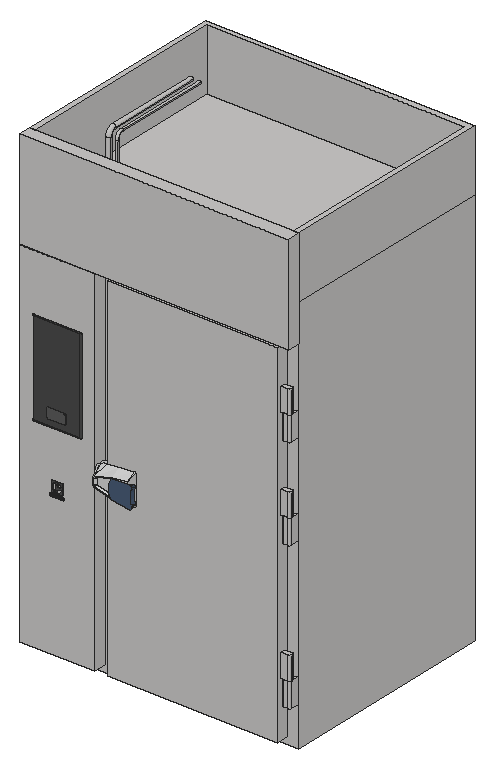
Revit family "QF_ELECTROLUXPROFESSIONAL_727824_EBCA22RE", category Specialty Equipment, Revit 2018
Family settings
  Round Connector Dimension = Use Radius
  Part Type = Normal
  Work Plane-Based = No
  Always vertical = Yes
  Cut with Voids When Loaded = No
  Shared = Yes
  Room Calculation Point = No
Parameters
  Weight = 0.00 kg
  Watts = 0 W
  Volts = 380 V
  URL Manufacturer = "http://professional.electrolux.com"
  URL = "http://professional.electrolux.com"
  Steam Supply Size = 0"
  Steam Supply Minimum Pressure = 0.00 psi
  Steam Supply Maximum Pressure = 0.00 psi
  Steam Pounds per Hour = 0
  Show Logo [instance] = yes
  Refrigeration Suction Line Size = 0"
  Refrigeration Liquid Line Size = 0"
  Refrigerant Compressor Remote = yes
  Phase = 3
  Model = "EBCA22RE"
  Manufacturer = "Electrolux"
  Length Actual = 1400 mm  # constant formula
  Item Number = "727824"
  Hot Water Size = 0"
  Height Actual = 2270 mm  # constant formula
  HP = "8.6 HP"
  Gas Size = 0"
  Gas KW = 0
  Gas Input Pressure = 0.0 Btu/h
  Direct Waste Size = 1/2"
  Description = "SKYLINE CHILLS BLAST CHILLER 200KG 20 GN 2/1 - ROLL-IN - REMOTE REFRIGERATING UNIT"
  Depth Actual = 1266 mm  # constant formula
  Cycle = 60 Hz
  Condensate Return Size = 0"
  Compressed Air Volume = 0 GPM
  Compressed Air Size = 0"
  Compressed Air Pressure = 0.00 psi
  Cold Water Size = 0"
  Assembly Code = ""
  Show Clearance [instance] = yes
  Accessory = yes
Reference planes
  plane 1 "BACK": y = 1
  plane 2: z = 0
  plane 3 "LEFT": x = 0
  plane 4 "RIGHT": x = 1400
  plane 5 "FRONT": y = -1205
  plane 6 "TOP": z = 2400
  plane 7 "Center Y": x = 700
  plane 8: y = -2155
  plane 9: y = -602
Forms (mm)
  Extrusion 1, solid, material "QF_Clearance", visible <- "Show Clearance", detail levels coarse
    sketch origin (0, 0, -70) x (1, 0, 0) y (0, 1, 0)
      loop
        line (0, -1205) -> (0, 1) -> (1400, 1) -> (1400, -1205) -> (1500, -1205) -> (1500, 101) -> (-100, 101) -> (-100, -1205) -> (0, -1205)
    from 70 to 2670
  Extrusion 2, solid, material "QF_Finishes_Stainless Steel"
    sketch origin (349.253, 33, 630.991) x (-1, 0, 0) y (0, -1, 0)
      loop
        line (349.253, 1172.759) -> (349.253, 1238) -> (-39.747, 1238) -> (-39.747, 1172.759) -> (349.253, 1172.759)
    from -597 to 1254
  Extrusion 3, solid, material "QF_Finishes_Stainless Steel"
    sketch origin (596.16, 27.971, -70) x (1, 0, 0) y (0, 1, 0)
      loop
        line (743.84, -1172.971) -> (-141.16, -1172.971) -> (-141.16, -1232.971) -> (743.84, -1232.971) -> (743.84, -1172.971)
    from 103.991 to 1945.25
  Extrusion 4, solid, material "QF_Door-Drawer Clearances", visible <- "Show Clearance", detail levels coarse
    sketch origin (875, -72.029, -91.802) x (-1, 0, 0) y (0, -1, 0)
      loop
        line (-465, 2025.971) -> (-465, 1132.971) -> (420, 1132.971)
        arc (420, 1132.971) -> (153.836, 1754.227) -> (-465, 2025.971) r 920
    from 125.793 to 1967.052
  Extrusion 5, solid, material "QF_Finishes_Stainless Steel"
    sketch origin (0, -1139.759, 0) x (0, 1, 0) y (-1, 0, 0)
      loop
        line (1140.759, 0) -> (0.759, 0) -> (0.759, -1400) -> (1140.759, -1400) -> (1140.759, 0)
    from 0 to 2080
  Extrusion 6, solid, material "QF_Finishes_Stainless Steel"
    sketch origin (0, 0, -70) x (0, 1, 0) y (0, 0, 1)
      loop
        line (-1139, 2470) -> (-1205, 2470) -> (-1205, 1956) -> (-1139, 1956) -> (-1139, 2470)
    from 0 to 1400
  Extrusion 7, solid, material "QF_Finishes_Stainless Steel"
    sketch origin (0, -1139.759, 2080) x (0, 1, 0) y (-1, 0, 0)
      loop
        line (1140.759, 0) -> (0.759, 0) -> (0.759, -27.807) -> (1112.952, -27.807) -> (1112.952, -1372.193) -> (0.759, -1372.193) -> (0.759, -1400) -> (1140.759, -1400) -> (1140.759, 0)
    from 0 to 320
  Extrusion 8, solid, material "QF_Clearance", visible <- "Show Clearance", detail levels coarse
    sketch origin (0, 0, 2400) x (-1, 0, 0) y (0, -1, 0)
      loop
        line (0, 1205) -> (-1400, 1205) -> (-1400, -1) -> (0, -1) -> (0, 1205)
    from 0 to 200
  Extrusion 9, solid, material "QF_Finishes_Stainless Steel"
    sketch origin (-390.239, -0.977, 1172.559) x (1, 0, 0) y (0, 1, 0)
      loop
        line (1730.239, -1159.557) -> (1730.239, -1186.759) -> (1771.078, -1186.759)
        arc (1771.078, -1186.759) -> (1778.149, -1183.83) -> (1781.078, -1176.759) r 10
        line (1781.078, -1176.759) -> (1781.078, -1169.557)
        arc (1781.078, -1169.557) -> (1778.149, -1162.486) -> (1771.078, -1159.557) r 10
        line (1771.078, -1159.557) -> (1730.239, -1159.557)
    from 398 to 516
  Extrusion 10, solid, material "QF_Finishes_Stainless Steel"
    sketch origin (-388.989, -0.977, 1172.559) x (1, 0, 0) y (0, 1, 0)
      loop
        line (1779.828, -1138.023) -> (1738.215, -1138.023) -> (1738.215, -1176.759)
        arc (1738.215, -1176.759) -> (1741.143, -1183.83) -> (1748.215, -1186.759) r 10
        line (1748.215, -1186.759) -> (1769.828, -1186.759)
        arc (1769.828, -1186.759) -> (1776.899, -1183.83) -> (1779.828, -1176.759) r 10
        line (1779.828, -1176.759) -> (1779.828, -1138.023)
    from 269 to 396
  Extrusion 11, solid, material "QF_Finishes_Handrails and Railings"
    sketch origin (0, -1205, -139.705) x (-1, 0, 0) y (0, 0, 1)
      loop
        arc (-455, 1022.346) -> (-433.392, 1027.289) -> (-413, 1035.976) r 124.815
        arc (-413, 1035.976) -> (-402.037, 1046.425) -> (-398, 1061.023) r 28.412
        line (-398, 1061.023) -> (-398, 1124.287)
        arc (-398, 1124.287) -> (-402.037, 1138.885) -> (-413, 1149.334) r 28.412
        arc (-413, 1149.334) -> (-433.392, 1158.021) -> (-455, 1162.964) r 124.815
        line (-455, 1162.964) -> (-455, 1022.346)
    from 0 to 25
  Extrusion 12, solid, material "QF_Finishes_Stainless Steel"
    sketch origin (0, 1, -70) x (1, 0, 0) y (0, 0, 1)
      loop
        circle (50.191, 2279.706) r 10
    from -2 to 0
  Extrusion 13, solid
    sketch origin (0, 0, -70) x (1, 0, 0) y (0, 1, 0)
      loop
        circle (271, -895) r 12.7
    from 180 to 190
  Sweep 14, solid, material "QF_Finishes_Stainless Steel"
    path in 3D
      loop
        line (196, -872.727, 2090) -> (196, -872.727, 2314.785)
        arc (196, -872.727, 2314.785) -> (196, -863.94, 2335.999) -> (196, -842.727, 2344.785) r 30
        line (196, -842.727, 2344.785) -> (196, -337, 2344.785)
    profile origin (196, -589.864, 2344.785) x (-1, 0, 0) y (0, 0, 1)
      loop
        circle (0, -0.785) r 11
  Sweep 15, solid, material "QF_Finishes_Stainless Steel"
    path in 3D
      loop
        line (239, -337, 2344) -> (239, -842.727, 2344)
        arc (239, -842.727, 2344) -> (239, -863.94, 2335.213) -> (239, -872.727, 2314) r 30
        line (239, -872.727, 2314) -> (239, -872.727, 2090)
    profile origin (239, -589.864, 2344) x (1, 0, 0) y (0, 0, 1)
      loop
        circle (0, 0) r 6
  Extrusion 16, solid, material "QF_Finishes_Stainless Steel"
    sketch origin (0, -1139.759, 2080) x (0, 1, 0) y (-1, 0, 0)
      loop
        line (272.791, -163.68) -> (262.791, -163.68)
        arc (262.791, -163.68) -> (252.185, -168.074) -> (247.791, -178.68) r 15
        line (247.791, -178.68) -> (247.791, -270.358)
        arc (247.791, -270.358) -> (252.185, -280.965) -> (262.791, -285.358) r 15
        line (262.791, -285.358) -> (272.791, -285.358)
        arc (272.791, -285.358) -> (283.398, -280.965) -> (287.791, -270.358) r 15
        line (287.791, -270.358) -> (287.791, -178.68)
        arc (287.791, -178.68) -> (283.398, -168.074) -> (272.791, -163.68) r 15
    from 0 to 10
  Blend 17, solid, material "QF_Finishes_Handrails and Railings"
    base sketch origin (0, -1205, -139.705) x (1, 0, 0) y (0, 0, 1)
      loop
        arc (455, 1162.964) -> (433.392, 1158.021) -> (413, 1149.334) r 124.815
        arc (413, 1149.334) -> (402.037, 1138.885) -> (398, 1124.287) r 28.412
        line (398, 1124.287) -> (398, 1061.023)
        arc (398, 1061.023) -> (402.037, 1046.425) -> (413, 1035.976) r 28.412
        arc (413, 1035.976) -> (433.392, 1027.289) -> (455, 1022.346) r 124.815
        arc (455, 1022.346) -> (524.77, 1014.896) -> (594.859, 1011.587) r 1185.63
        arc (594.859, 1011.587) -> (600.607, 1013.879) -> (603, 1019.586) r 8
        line (603, 1019.586) -> (603, 1165.724)
        arc (603, 1165.724) -> (600.607, 1171.431) -> (594.859, 1173.723) r 8
        arc (594.859, 1173.723) -> (524.77, 1170.414) -> (455, 1162.964) r 1185.63
    top sketch origin (0, -1205, -139.705) x (1, 0, 0) y (0, 0, 1)
      loop
        line (421, 1108.337) -> (421, 1076.973)
        arc (421, 1076.973) -> (423.295, 1069.915) -> (429.302, 1065.557) r 12
        arc (429.302, 1065.557) -> (515.086, 1044.22) -> (603, 1034.974) r 636.459
        line (603, 1034.974) -> (603, 1150.336)
        arc (603, 1150.336) -> (515.086, 1141.09) -> (429.302, 1119.753) r 636.459
        arc (429.302, 1119.753) -> (423.295, 1115.395) -> (421, 1108.337) r 12
    from 0 to 50
  Blend 18, void
    base sketch origin (0, -1255, -139.705) x (-1, 0, 0) y (0, 0, 1)
      loop
        arc (-430.843, 1114.996) -> (-515.866, 1136.151) -> (-603, 1145.333) r 631.459
        line (-603, 1145.333) -> (-603, 1039.977)
        arc (-603, 1039.977) -> (-515.866, 1049.159) -> (-430.843, 1070.314) r 631.459
        arc (-430.843, 1070.314) -> (-427.339, 1072.856) -> (-426, 1076.973) r 7
        line (-426, 1076.973) -> (-426, 1108.337)
        arc (-426, 1108.337) -> (-427.339, 1112.454) -> (-430.843, 1114.996) r 7
    top sketch origin (0, -1255, -139.705) x (-1, 0, 0) y (0, 0, 1)
      loop
        arc (-432.384, 1110.24) -> (-516.647, 1131.211) -> (-603, 1140.33) r 626.459
        line (-603, 1140.33) -> (-603, 1044.98)
        arc (-603, 1044.98) -> (-516.647, 1054.099) -> (-432.384, 1075.07) r 626.459
        arc (-432.384, 1075.07) -> (-431.382, 1075.797) -> (-431, 1076.973) r 2
        line (-431, 1076.973) -> (-431, 1108.337)
        arc (-431, 1108.337) -> (-431.382, 1109.513) -> (-432.384, 1110.24) r 2
    from 0 to 10
  Blend 19, solid, material "QF_Finishes_Electrolux_Blue"
    base sketch origin (0, -1245, -139.705) x (1, 0, 0) y (0, 0, 1)
      loop
        arc (628.567, 1043.419) -> (622.014, 1092.655) -> (628.567, 1141.89) r 188.232
        arc (628.567, 1141.89) -> (627.358, 1147.991) -> (621.77, 1150.721) r 7
        arc (621.77, 1150.721) -> (572.304, 1148.509) -> (523.16, 1142.458) r 636.459
        arc (523.16, 1142.458) -> (507.711, 1092.655) -> (523.16, 1042.852) r 88
        arc (523.16, 1042.852) -> (572.304, 1036.801) -> (621.77, 1034.589) r 636.459
        arc (621.77, 1034.589) -> (627.358, 1037.319) -> (628.567, 1043.419) r 7
    top sketch origin (0, -1245, -139.705) x (1, 0, 0) y (0, 0, 1)
      loop
        arc (626.748, 1050.703) -> (622.014, 1092.655) -> (626.748, 1134.607) r 188.232
        arc (626.748, 1134.607) -> (625.775, 1138.85) -> (621.845, 1140.722) r 5
        arc (621.845, 1140.722) -> (569.023, 1138.185) -> (516.603, 1131.203) r 626.459
        arc (516.603, 1131.203) -> (507.711, 1092.655) -> (516.603, 1054.107) r 88
        arc (516.603, 1054.107) -> (569.023, 1047.124) -> (621.845, 1044.588) r 626.459
        arc (621.845, 1044.588) -> (625.775, 1046.46) -> (626.748, 1050.703) r 5
    from 20 to 0
  Extrusion 20, solid, material "QF_Finishes_Stainless Steel"
    sketch origin (-390.239, -0.977, 692.559) x (1, 0, 0) y (0, 1, 0)
      loop
        line (1730.239, -1159.557) -> (1730.239, -1186.759) -> (1771.078, -1186.759)
        arc (1771.078, -1186.759) -> (1778.149, -1183.83) -> (1781.078, -1176.759) r 10
        line (1781.078, -1176.759) -> (1781.078, -1169.557)
        arc (1781.078, -1169.557) -> (1778.149, -1162.486) -> (1771.078, -1159.557) r 10
        line (1771.078, -1159.557) -> (1730.239, -1159.557)
    from 398 to 516
  Extrusion 21, solid, material "QF_Finishes_Stainless Steel"
    sketch origin (-388.989, -0.977, 692.559) x (1, 0, 0) y (0, 1, 0)
      loop
        line (1779.828, -1138.023) -> (1738.215, -1138.023) -> (1738.215, -1176.759)
        arc (1738.215, -1176.759) -> (1741.143, -1183.83) -> (1748.215, -1186.759) r 10
        line (1748.215, -1186.759) -> (1769.828, -1186.759)
        arc (1769.828, -1186.759) -> (1776.899, -1183.83) -> (1779.828, -1176.759) r 10
        line (1779.828, -1176.759) -> (1779.828, -1138.023)
    from 269 to 396
  Extrusion 22, solid, material "QF_Finishes_Stainless Steel"
    sketch origin (-390.239, -0.977, -67.441) x (1, 0, 0) y (0, 1, 0)
      loop
        line (1730.239, -1159.557) -> (1730.239, -1186.759) -> (1771.078, -1186.759)
        arc (1771.078, -1186.759) -> (1778.149, -1183.83) -> (1781.078, -1176.759) r 10
        line (1781.078, -1176.759) -> (1781.078, -1169.557)
        arc (1781.078, -1169.557) -> (1778.149, -1162.486) -> (1771.078, -1159.557) r 10
        line (1771.078, -1159.557) -> (1730.239, -1159.557)
    from 398 to 516
  Extrusion 23, solid, material "QF_Finishes_Stainless Steel"
    sketch origin (-388.989, -0.977, -67.441) x (1, 0, 0) y (0, 1, 0)
      loop
        line (1779.828, -1138.023) -> (1738.215, -1138.023) -> (1738.215, -1176.759)
        arc (1738.215, -1176.759) -> (1741.143, -1183.83) -> (1748.215, -1186.759) r 10
        line (1748.215, -1186.759) -> (1769.828, -1186.759)
        arc (1769.828, -1186.759) -> (1776.899, -1183.83) -> (1779.828, -1176.759) r 10
        line (1779.828, -1176.759) -> (1779.828, -1138.023)
    from 269 to 396
  Extrusion 24, solid, material "QF_Door-Drawer Clearances", visible <- "Show Clearance", detail levels coarse
    sketch origin (167.029, -1956.84, -70) x (0, 1, 0) y (-1, 0, 0)
      loop
        line (751.84, -1172.971) -> (-141.16, -1172.971) -> (-141.16, -1232.971) -> (751.84, -1232.971) -> (751.84, -1172.971)
    from 103.991 to 1945.25
  Extrusion 25, solid, material "QF_Door-Drawer Clearances", visible <- "Show Clearance", detail levels coarse
    sketch origin (1400, -2553, -139.705) x (0, -1, 0) y (0, 0, 1)
      loop
        arc (-455, 1022.346) -> (-433.392, 1027.289) -> (-413, 1035.976) r 124.815
        arc (-413, 1035.976) -> (-402.037, 1046.425) -> (-398, 1061.023) r 28.412
        line (-398, 1061.023) -> (-398, 1124.287)
        arc (-398, 1124.287) -> (-402.037, 1138.885) -> (-413, 1149.334) r 28.412
        arc (-413, 1149.334) -> (-433.392, 1158.021) -> (-455, 1162.964) r 124.815
        line (-455, 1162.964) -> (-455, 1022.346)
    from 0 to 25
  Blend 26, solid, material "QF_Door-Drawer Clearances", visible <- "Show Clearance", detail levels coarse
    base sketch origin (1400, -2553, -139.705) x (0, 1, 0) y (0, 0, 1)
      loop
        arc (455, 1162.964) -> (433.392, 1158.021) -> (413, 1149.334) r 124.815
        arc (413, 1149.334) -> (402.037, 1138.885) -> (398, 1124.287) r 28.412
        line (398, 1124.287) -> (398, 1061.023)
        arc (398, 1061.023) -> (402.037, 1046.425) -> (413, 1035.976) r 28.412
        arc (413, 1035.976) -> (433.392, 1027.289) -> (455, 1022.346) r 124.815
        arc (455, 1022.346) -> (524.77, 1014.896) -> (594.859, 1011.587) r 1185.63
        arc (594.859, 1011.587) -> (600.607, 1013.879) -> (603, 1019.586) r 8
        line (603, 1019.586) -> (603, 1165.724)
        arc (603, 1165.724) -> (600.607, 1171.431) -> (594.859, 1173.723) r 8
        arc (594.859, 1173.723) -> (524.77, 1170.414) -> (455, 1162.964) r 1185.63
    top sketch origin (1400, -2553, -139.705) x (0, 1, 0) y (0, 0, 1)
      loop
        line (421, 1108.337) -> (421, 1076.973)
        arc (421, 1076.973) -> (423.295, 1069.915) -> (429.302, 1065.557) r 12
        arc (429.302, 1065.557) -> (515.086, 1044.22) -> (603, 1034.974) r 636.459
        line (603, 1034.974) -> (603, 1150.336)
        arc (603, 1150.336) -> (515.086, 1141.09) -> (429.302, 1119.753) r 636.459
        arc (429.302, 1119.753) -> (423.295, 1115.395) -> (421, 1108.337) r 12
    from 0 to 50
  Blend 27, void
    base sketch origin (1450, -2553, -139.705) x (0, -1, 0) y (0, 0, 1)
      loop
        arc (-430.843, 1114.996) -> (-515.866, 1136.151) -> (-603, 1145.333) r 631.459
        line (-603, 1145.333) -> (-603, 1039.977)
        arc (-603, 1039.977) -> (-515.866, 1049.159) -> (-430.843, 1070.314) r 631.459
        arc (-430.843, 1070.314) -> (-427.339, 1072.856) -> (-426, 1076.973) r 7
        line (-426, 1076.973) -> (-426, 1108.337)
        arc (-426, 1108.337) -> (-427.339, 1112.454) -> (-430.843, 1114.996) r 7
    top sketch origin (1450, -2553, -139.705) x (0, -1, 0) y (0, 0, 1)
      loop
        arc (-432.384, 1110.24) -> (-516.647, 1131.211) -> (-603, 1140.33) r 626.459
        line (-603, 1140.33) -> (-603, 1044.98)
        arc (-603, 1044.98) -> (-516.647, 1054.099) -> (-432.384, 1075.07) r 626.459
        arc (-432.384, 1075.07) -> (-431.382, 1075.797) -> (-431, 1076.973) r 2
        line (-431, 1076.973) -> (-431, 1108.337)
        arc (-431, 1108.337) -> (-431.382, 1109.513) -> (-432.384, 1110.24) r 2
    from 0 to 10
  Blend 28, solid, material "QF_Door-Drawer Clearances", visible <- "Show Clearance", detail levels coarse
    base sketch origin (1440, -2553, -139.705) x (0, 1, 0) y (0, 0, 1)
      loop
        arc (628.567, 1043.419) -> (622.014, 1092.655) -> (628.567, 1141.89) r 188.232
        arc (628.567, 1141.89) -> (627.358, 1147.991) -> (621.77, 1150.721) r 7
        arc (621.77, 1150.721) -> (572.304, 1148.509) -> (523.16, 1142.458) r 636.459
        arc (523.16, 1142.458) -> (507.711, 1092.655) -> (523.16, 1042.852) r 88
        arc (523.16, 1042.852) -> (572.304, 1036.801) -> (621.77, 1034.589) r 636.459
        arc (621.77, 1034.589) -> (627.358, 1037.319) -> (628.567, 1043.419) r 7
    top sketch origin (1440, -2553, -139.705) x (0, 1, 0) y (0, 0, 1)
      loop
        arc (626.748, 1050.703) -> (622.014, 1092.655) -> (626.748, 1134.607) r 188.232
        arc (626.748, 1134.607) -> (625.775, 1138.85) -> (621.845, 1140.722) r 5
        arc (621.845, 1140.722) -> (569.023, 1138.185) -> (516.603, 1131.203) r 626.459
        arc (516.603, 1131.203) -> (507.711, 1092.655) -> (516.603, 1054.107) r 88
        arc (516.603, 1054.107) -> (569.023, 1047.124) -> (621.845, 1044.588) r 626.459
        arc (621.845, 1044.588) -> (625.775, 1046.46) -> (626.748, 1050.703) r 5
    from 20 to -1
Cuts and joins
  Blend 18 cuts Blend 17
  joined: Extrusion 11, Blend 17
  Blend 18 cuts Extrusion 4
  Blend 27 cuts Blend 26
  Blend 27 cuts Blend 28
  joined: Extrusion 4, Extrusion 24, Extrusion 25, Blend 26, Blend 28
  joined: Extrusion 7, Extrusion 12
  joined: Extrusion 5, Extrusion 10, Sweep 14, Sweep 15, Extrusion 16, Extrusion 21, Extrusion 23
  joined: Extrusion 3, Extrusion 9, Extrusion 20, Extrusion 22
  joined: Extrusion 1, Extrusion 8
Lines and regions (mm)
  symbolic lines, style "QF-Clearances", visible <- "Show Clearance", detail levels coarse
    curve 1: line (-100, -1204.241, 70) -> (-100, 101, 70)
    curve 2: line (-100, 101, 70) -> (1500, 101, 70)
    curve 3: line (1500, 101, 70) -> (1500, -1204.241, 70)
  symbolic lines
    curve 4: line (185, -336.968, 70) -> (207, -336.968, 70)
    curve 5: line (207, -336.968, 70) -> (207, -871.942, 70)
    curve 6: line (233, -872.727, 70) -> (233, -337, 70)
    curve 7: line (233, -337, 70) -> (245, -337, 70)
    curve 8: line (245, -337, 70) -> (245, -872.727, 70)
    curve 9: line (245, -851.968, 70) -> (270.358, -851.968, 70)
    curve 10: arc (285.358, -866.968, 70) -> (280.965, -856.361, 70) -> (270.358, -851.968, 70) r 15
    curve 11: line (285.358, -876.968, 70) -> (285.358, -866.968, 70)
    curve 12: arc (270.358, -891.968, 70) -> (280.965, -887.575, 70) -> (285.358, -876.968, 70) r 15
    curve 13: line (178.68, -891.968, 70) -> (270.358, -891.968, 70)
    curve 14: arc (163.68, -876.968, 70) -> (168.074, -887.575, 70) -> (178.68, -891.968, 70) r 15
    curve 15: line (163.68, -866.968, 70) -> (163.68, -876.968, 70)
    curve 16: arc (178.68, -851.968, 70) -> (168.074, -856.361, 70) -> (163.68, -866.968, 70) r 15
    curve 17: arc (207, -871.942, 70) -> (196, -882.942, 70) -> (185, -871.942, 70) r 11
    curve 18: arc (233, -872.727, 70) -> (239, -878.727, 70) -> (245, -872.727, 70) r 6
    curve 19: line (178.68, -851.968, 70) -> (185, -851.968, 70)
    curve 20: line (185, -336.968, 70) -> (185, -871.942, 70)
    curve 21: line (207, -851.968, 70) -> (233, -851.968, 70)
    curve 22: line (0, 1, 70) -> (1400, 1, 70)
    curve 23: line (0, -1205, 70) -> (0, 1, 70)
    curve 24: line (1400, -1205, 70) -> (0, -1205, 70)
    curve 25: line (1400, 1, 70) -> (1400, -1205, 70)
    curve 26: line (27.807, -26.807, 70) -> (1372.193, -26.807, 70)
    curve 27: line (27.807, -1139, 70) -> (27.807, -26.807, 70)
    curve 28: line (1400, -1139, 70) -> (0, -1139, 70)
    curve 29: line (1372.193, -26.807, 70) -> (1372.193, -1139, 70)
    curve 30: line (75.5, -1210, 70) -> (313.5, -1210, 70)
    curve 31: line (75.5, -1210, 70) -> (67.5, -1205, 70)
    curve 32: line (313.5, -1210, 70) -> (321.5, -1205, 70)
    curve 33: line (421, -1255, 70) -> (398, -1205, 70)
    curve 34: line (421, -1255, 70) -> (603, -1255, 70)
    curve 35: line (603, -1255, 70) -> (603, -1205, 70)
    curve 36: line (603, -1245, 70) -> (626.748, -1245, 70)
    curve 37: line (626.748, -1245, 70) -> (628.811, -1265, 70)
    curve 38: line (628.811, -1265, 70) -> (507.711, -1265, 70)
    curve 39: line (507.711, -1265, 70) -> (507.711, -1255, 70)
  symbolic lines, style "QF_Door-Drawer Clearances", visible <- "Show Clearance"
    curve 40: line (1450, -2132, 70) -> (1400, -2155, 70)
    curve 41: line (1450, -2132, 70) -> (1450, -1950, 70)
    curve 42: line (1450, -1950, 70) -> (1400, -1950, 70)
    curve 43: line (1439, -1950, 70) -> (1439, -1926.126, 70)
    curve 44: line (1439, -1926.126, 70) -> (1460, -1924.189, 70)
    curve 45: line (1460, -1924.189, 70) -> (1460, -2045.289, 70)
    curve 46: line (1460, -2045.289, 70) -> (1450, -2045.289, 70)
    curve 47: line (1375, -2098, 70) -> (1375, -2155, 70)
    curve 48: line (1340, -2098, 70) -> (1400, -2098, 70)
    curve 49: arc (457.796, -1255, 70) -> (739.031, -1843.801, 70) -> (1340, -2098, 70) r 920
    curve 50: line (1400, -2155, 70) -> (1375, -2155, 70)
    curve 51: line (1400, -2098, 70) -> (1400, -1205, 70)
    curve 58: line (1340, -2098, 70) -> (1340, -1205, 70)
  sketch lines
    curve 52: line (196, -842.727, 2344.785) -> (196, -337, 2344.785)
    curve 53: arc (196, -872.727, 2314.785) -> (196, -863.94, 2335.999) -> (196, -842.727, 2344.785) r 30
    curve 54: line (196, -872.727, 2090) -> (196, -872.727, 2314.785)
    curve 55: line (239, -337, 2344) -> (239, -842.727, 2344)
    curve 56: arc (239, -842.727, 2344) -> (239, -863.94, 2335.213) -> (239, -872.727, 2314) r 30
    curve 57: line (239, -872.727, 2314) -> (239, -872.727, 2090)
Dimensions and locks
  plane 5 "FRONT" to plane 1 "BACK" = 1206 mm
  plane 6 "TOP" to level = 2400 mm
  plane 4 "RIGHT" to plane 3 "LEFT" = 1400 mm
  plane 3 "LEFT" to plane 4 "RIGHT" = 1400 mm
  equal spacing: plane 3 "LEFT", plane 7 "Center Y", plane 4 "RIGHT"
  plane 1 "BACK" to plane 5 "FRONT" = 1206 mm
  aligned and locked: level to plane 2
Automatic sketch dimensions
  plane 5 "FRONT" to Extrusion 1 sketch curve = 0 mm  (x2)
  Extrusion 1 sketch curve to plane 3 "LEFT" = 0 mm
  plane 1 "BACK" to Extrusion 1 sketch curve = 0 mm
  Extrusion 1 sketch curve to plane 4 "RIGHT" = 0 mm
  Extrusion 1 sketch curve to plane 3 "LEFT" = 100 mm
  plane 4 "RIGHT" to Extrusion 1 sketch curve = 100 mm
  Extrusion 1 sketch curve to plane 1 "BACK" = 100 mm
  plane 5 "FRONT" to Extrusion 2 sketch curve = 0 mm
  Extrusion 2 sketch curve to plane 3 "LEFT" = 0 mm
  Extrusion 2 sketch curve to plane 5 "FRONT" = 65.241 mm
  plane 5 "FRONT" to Extrusion 3 sketch curve = 0 mm
  Extrusion 3 sketch curve to plane 5 "FRONT" = 60 mm
  Extrusion 3 sketch curve to plane 4 "RIGHT" = 60 mm
  plane 5 "FRONT" to Extrusion 4 sketch curve = 0 mm
  Extrusion 4 sketch curve to plane 4 "RIGHT" = 25.377 mm
  Extrusion 4 sketch curve to Extrusion 4 sketch curve = 34.623 mm
  Extrusion 4 sketch curve to plane 5 "FRONT" = 26.348 mm
  Extrusion 5 sketch curve to plane 3 "LEFT" = 0 mm
  Extrusion 5 sketch curve to plane 4 "RIGHT" = 0 mm
  plane 1 "BACK" to Extrusion 5 sketch curve = 0 mm
  Extrusion 5 sketch curve to plane 5 "FRONT" = 66 mm
  Extrusion 6 sketch curve to plane 5 "FRONT" = 0 mm
  Extrusion 6 sketch curve to plane 5 "FRONT" = 66 mm
  Extrusion 6 sketch curve to plane 6 "TOP" = 514 mm
  plane 6 "TOP" to Extrusion 6 sketch curve = 0 mm
  Extrusion 5 to Extrusion 7 sketch curve = 0 mm
  Extrusion 7 sketch curve to Extrusion 5 = 0 mm  (x4)
  Extrusion 7 sketch curve to Extrusion 5 = 27.807 mm  (x3)
  Extrusion 8 sketch curve to plane 4 "RIGHT" = 0 mm
  plane 1 "BACK" to Extrusion 8 sketch curve = 0 mm
  Extrusion 8 sketch curve to plane 3 "LEFT" = 0 mm
  plane 5 "FRONT" to Extrusion 8 sketch curve = 0 mm
  Extrusion 9 sketch curve to plane 5 "FRONT" = 17.264 mm
  Extrusion 9 sketch curve to plane 4 "RIGHT" = 60 mm
  Extrusion 9 sketch curve to plane 4 "RIGHT" = 19.161 mm
  Extrusion 9 sketch curve to Extrusion 9 sketch curve = 0 mm
  Extrusion 9 sketch curve to plane 4 "RIGHT" = 9.161 mm
  Extrusion 9 sketch curve to Extrusion 9 sketch curve = 7.202 mm
  Extrusion 10 sketch curve to plane 5 "FRONT" = 27.264 mm
  Extrusion 10 sketch curve to plane 4 "RIGHT" = 50.775 mm
  Extrusion 10 sketch curve to Extrusion 10 sketch curve = 10 mm
  Extrusion 10 sketch curve to plane 4 "RIGHT" = 19.161 mm
  Extrusion 10 sketch curve to plane 4 "RIGHT" = 9.161 mm
  Extrusion 10 sketch curve to Extrusion 10 sketch curve = 38.736 mm
  plane 7 "Center Y" to Extrusion 11 sketch curve = 228.081 mm
  Extrusion 11 sketch curve to Extrusion 11 sketch curve = 0 mm
  Extrusion 11 sketch curve to Extrusion 11 sketch curve = 16.919 mm
  Extrusion 11 sketch curve to Extrusion 11 sketch curve = 28.588 mm  (x2)
  Extrusion 11 sketch curve to Extrusion 11 sketch curve = 28.412 mm
  level to Extrusion 11 sketch curve = 882.641 mm
  Extrusion 11 sketch curve to Extrusion 11 sketch curve = 16.954 mm  (x2)
  Extrusion 11 sketch curve to Extrusion 11 sketch curve = 38.676 mm
  Extrusion 11 sketch curve to Extrusion 11 sketch curve = 63.265 mm
  Extrusion 11 sketch curve to Extrusion 11 sketch curve = 21.722 mm
  plane 3 "LEFT" to Extrusion 12 sketch curve = 50.191 mm
  Extrusion 12 sketch curve to plane 6 "TOP" = 190.294 mm
  Extrusion 13 sketch curve to plane 9 = 293 mm
  Sweep 14 sketch curve to profile plane = 0 mm
  Sweep 14 sketch curve to profile plane = 0.785 mm
  profile plane to Sweep 15 sketch curve = 0 mm
  Sweep 15 sketch curve to profile plane = 0 mm
  Extrusion 16 sketch curve to Extrusion 5 = 247.032 mm
  Extrusion 16 sketch curve to Extrusion 16 sketch curve = 15 mm  (x3)
  Extrusion 16 sketch curve to Extrusion 16 sketch curve = 10 mm  (x2)
  Extrusion 16 sketch curve to Extrusion 5 = 285.358 mm
  Extrusion 16 sketch curve to Extrusion 16 sketch curve = 91.678 mm
  Blend 17 sketch curve to Extrusion 11 = 0 mm  (x4)
  Blend 17 sketch curve to Extrusion 11 = 28.412 mm
  Blend 17 sketch curve to Blend 17 sketch curve = 123.081 mm  (x2)
  Blend 17 sketch curve to Blend 17 sketch curve = 8 mm
  Extrusion 11 to Blend 17 sketch curve = 160.712 mm  (x2)
  Blend 17 sketch curve to Blend 17 sketch curve = 19.715 mm  (x2)
  Blend 17 sketch curve to Blend 17 sketch curve = 38.676 mm
  Blend 17 sketch curve to Extrusion 11 = 23 mm
  Blend 17 sketch curve to Blend 17 sketch curve = 12 mm  (x2)
  Extrusion 11 to Blend 17 sketch curve = 148 mm
  Extrusion 11 to Blend 17 sketch curve = 170.45 mm  (x2)
  Blend 17 sketch curve to Blend 17 sketch curve = 520.701 mm  (x2)
  Blend 17 sketch curve to Blend 17 sketch curve = 41.999 mm
  Blend 17 sketch curve to Blend 17 sketch curve = 31.364 mm
  Blend 17 sketch curve to Blend 17 sketch curve = 115.362 mm
  Blend 17 to Blend 18 sketch curve = 0 mm  (x2)
  Blend 18 sketch curve to Blend 18 sketch curve = 7 mm
  Blend 18 sketch curve to Blend 18 sketch curve = 31.364 mm  (x2)
  Blend 18 sketch curve to Blend 18 sketch curve = 2 mm
  Blend 18 to Blend 19 sketch curve = 18.811 mm  (x2)
  Blend 19 sketch curve to Blend 18 = 7.289 mm  (x2)
  Blend 19 sketch curve to Blend 19 sketch curve = 188.435 mm
  Blend 19 sketch curve to Blend 19 sketch curve = 7 mm  (x2)
  Blend 19 sketch curve to Blend 19 sketch curve = 51.066 mm  (x2)
  Blend 19 sketch curve to Blend 19 sketch curve = 0 mm  (x6)
  Blend 19 sketch curve to Blend 18 = 79.84 mm
  Blend 18 to Blend 19 sketch curve = 18.874 mm  (x2)
  Blend 19 sketch curve to Blend 19 sketch curve = 188.371 mm
  Blend 19 sketch curve to Blend 19 sketch curve = 5 mm  (x2)
  Blend 19 sketch curve to Blend 19 sketch curve = 43.067 mm  (x2)
  Blend 19 sketch curve to Blend 18 = 85.603 mm
  Extrusion 20 sketch curve to plane 5 "FRONT" = 17.264 mm
  Extrusion 20 sketch curve to plane 4 "RIGHT" = 60 mm
  Extrusion 20 sketch curve to plane 4 "RIGHT" = 19.161 mm
  Extrusion 20 sketch curve to Extrusion 20 sketch curve = 0 mm
  Extrusion 20 sketch curve to plane 4 "RIGHT" = 9.161 mm
  Extrusion 20 sketch curve to Extrusion 20 sketch curve = 7.202 mm
  Extrusion 21 sketch curve to plane 5 "FRONT" = 27.264 mm
  Extrusion 21 sketch curve to plane 4 "RIGHT" = 50.775 mm
  Extrusion 21 sketch curve to Extrusion 21 sketch curve = 10 mm
  Extrusion 21 sketch curve to plane 4 "RIGHT" = 19.161 mm
  Extrusion 21 sketch curve to plane 4 "RIGHT" = 9.161 mm
  Extrusion 21 sketch curve to Extrusion 21 sketch curve = 38.736 mm
  Extrusion 22 sketch curve to plane 5 "FRONT" = 17.264 mm
  Extrusion 22 sketch curve to plane 4 "RIGHT" = 60 mm
  Extrusion 22 sketch curve to plane 4 "RIGHT" = 19.161 mm
  Extrusion 22 sketch curve to Extrusion 22 sketch curve = 0 mm
  Extrusion 22 sketch curve to plane 4 "RIGHT" = 9.161 mm
  Extrusion 22 sketch curve to Extrusion 22 sketch curve = 7.202 mm
  Extrusion 23 sketch curve to plane 5 "FRONT" = 27.264 mm
  Extrusion 23 sketch curve to plane 4 "RIGHT" = 50.775 mm
  Extrusion 23 sketch curve to Extrusion 23 sketch curve = 10 mm
  Extrusion 23 sketch curve to plane 4 "RIGHT" = 19.161 mm
  Extrusion 23 sketch curve to plane 4 "RIGHT" = 9.161 mm
  Extrusion 23 sketch curve to Extrusion 23 sketch curve = 38.736 mm
  Extrusion 24 sketch curve to plane 4 "RIGHT" = 0 mm
  plane 5 "FRONT" to Extrusion 24 sketch curve = 0 mm
  Extrusion 24 sketch curve to plane 8 = 57 mm
  Extrusion 24 sketch curve to plane 4 "RIGHT" = 60 mm
  Extrusion 25 sketch curve to plane 8 = 0 mm
  Extrusion 25 sketch curve to Extrusion 25 sketch curve = 28.412 mm  (x2)
  Extrusion 25 sketch curve to Extrusion 25 sketch curve = 28.588 mm
  Extrusion 25 sketch curve to Extrusion 25 sketch curve = 16.919 mm  (x2)
  level to Extrusion 25 sketch curve = 882.641 mm
  Extrusion 25 sketch curve to Extrusion 25 sketch curve = 16.954 mm  (x2)
  Extrusion 25 sketch curve to Extrusion 25 sketch curve = 38.676 mm
  Extrusion 25 sketch curve to Extrusion 25 sketch curve = 63.265 mm
  Extrusion 25 sketch curve to Extrusion 25 sketch curve = 21.722 mm
  Blend 26 sketch curve to Extrusion 25 = 0 mm  (x4)
  Blend 26 sketch curve to Extrusion 25 = 28.412 mm
  Blend 26 sketch curve to Blend 26 sketch curve = 123.081 mm  (x2)
  Blend 26 sketch curve to Blend 26 sketch curve = 8 mm
  Extrusion 25 to Blend 26 sketch curve = 160.712 mm  (x2)
  Blend 26 sketch curve to Blend 26 sketch curve = 19.715 mm  (x2)
  Blend 26 sketch curve to Blend 26 sketch curve = 38.676 mm
  Blend 26 sketch curve to Extrusion 25 = 23 mm
  Blend 26 sketch curve to Blend 26 sketch curve = 12 mm  (x2)
  Extrusion 25 to Blend 26 sketch curve = 148 mm
  Extrusion 25 to Blend 26 sketch curve = 170.45 mm  (x2)
  Blend 26 sketch curve to Blend 26 sketch curve = 520.701 mm  (x2)
  Blend 26 sketch curve to Blend 26 sketch curve = 41.999 mm
  Blend 26 sketch curve to Blend 26 sketch curve = 31.364 mm
  Blend 26 sketch curve to Blend 26 sketch curve = 115.362 mm
  Blend 27 sketch curve to Blend 26 = 0 mm  (x2)
  Blend 27 sketch curve to Blend 27 sketch curve = 7 mm
  Blend 27 sketch curve to Blend 27 sketch curve = 31.364 mm  (x2)
  Blend 27 sketch curve to Blend 27 sketch curve = 2 mm
  Blend 27 to Blend 28 sketch curve = 18.811 mm  (x2)
  Blend 28 sketch curve to Blend 27 = 7.289 mm  (x2)
  Blend 28 sketch curve to Blend 28 sketch curve = 188.435 mm
  Blend 28 sketch curve to Blend 28 sketch curve = 7 mm  (x2)
  Blend 28 sketch curve to Blend 28 sketch curve = 51.066 mm  (x2)
  Blend 28 sketch curve to Blend 28 sketch curve = 0 mm  (x6)
  Blend 28 sketch curve to Blend 27 = 79.84 mm
  Blend 27 to Blend 28 sketch curve = 18.874 mm  (x2)
  Blend 28 sketch curve to Blend 28 sketch curve = 188.371 mm
  Blend 28 sketch curve to Blend 28 sketch curve = 5 mm  (x2)
  Blend 28 sketch curve to Blend 28 sketch curve = 43.067 mm  (x2)
  Blend 28 sketch curve to Blend 27 = 85.603 mm
  plane 7 "Center Y" to Extrusion 2 sketch curve = 311 mm
  plane 7 "Center Y" to Extrusion 3 sketch curve = 245 mm
  plane 7 "Center Y" to Extrusion 4 sketch curve = 245 mm
  plane 3 "LEFT" to Extrusion 13 sketch curve = 271 mm
  plane 8 to curve 47 = 0 mm
  curve 42 to plane 4 "RIGHT" = 0 mm
  plane 5 "FRONT" to curve 33 = 0 mm
  curve 28 to plane 3 "LEFT" = 0 mm
  plane 1 "BACK" to curve 22 = 0 mm
  curve 50 to plane 4 "RIGHT" = 0 mm
  curve 41 to plane 8 = 23 mm
  curve 48 to plane 8 = 57 mm
  curve 48 to curve 46 = 52.711 mm
  curve 46 to curve 41 = 95.289 mm
  plane 4 "RIGHT" to curve 44 = 39 mm
  curve 43 to curve 44 = 23.874 mm
  curve 43 to curve 45 = 1.937 mm
  plane 5 "FRONT" to curve 37 = 60 mm
  plane 5 "FRONT" to curve 34 = 50 mm
  curve 37 to curve 37 = 20 mm
  plane 5 "FRONT" to curve 30 = 5 mm
  curve 49 to plane 5 "FRONT" = 26.348 mm
  plane 3 "LEFT" to curve 13 = 178.68 mm
  curve 13 to plane 9 = 289.968 mm
  curve 13 to curve 14 = 15 mm
  curve 12 to curve 11 = 15 mm
  curve 12 to curve 18 = 4.241 mm
  curve 14 to curve 17 = 5.026 mm
  curve 14 to curve 15 = 10 mm
  curve 12 to curve 11 = 10 mm
  curve 10 to curve 9 = 15 mm
  curve 16 to curve 19 = 15 mm
  plane 9 to curve 7 = 265 mm
  curve 6 to curve 5 = 0.032 mm
  plane 1 "BACK" to curve 26 = 27.807 mm
  curve 2 to plane 1 "BACK" = 100 mm
  curve 42 to curve 43 = 11 mm
  curve 45 to curve 43 = 21 mm
  plane 4 "RIGHT" to curve 2 = 100 mm
  curve 40 to curve 47 = 25 mm
  curve 49 to plane 4 "RIGHT" = 25.377 mm
  curve 29 to plane 4 "RIGHT" = 27.807 mm
  curve 47 to curve 48 = 35 mm
  plane 7 "Center Y" to curve 37 = 71.189 mm
  curve 37 to curve 36 = 2.062 mm
  curve 36 to curve 34 = 23.748 mm
  curve 39 to curve 49 = 49.915 mm
  curve 49 to curve 33 = 36.796 mm
  curve 33 to curve 30 = 107.5 mm
  curve 11 to curve 16 = 106.678 mm
  curve 12 to curve 8 = 25.358 mm
  curve 8 to curve 18 = 6 mm
  curve 6 to curve 4 = 26 mm
  curve 5 to curve 17 = 11 mm
  plane 3 "LEFT" to curve 30 = 75.5 mm
  plane 3 "LEFT" to curve 27 = 27.807 mm
  curve 1 to plane 3 "LEFT" = 100 mm
  curve 3 to plane 5 "FRONT" = 0.759 mm
  curve 1 to plane 5 "FRONT" = 0.759 mm
  curve 49 to curve 29 = 39.652 mm
  curve 17 to curve 21 = 19.974 mm
  curve 33 to curve 33 = 23 mm
  curve 32 to curve 30 = 8 mm
  curve 30 to curve 31 = 8 mm
  radius of Extrusion 12 sketch curve = 10 mm
  radius of Extrusion 13 sketch curve = 12.7 mm
  radius of Sweep 14 sketch curve = 11 mm
  radius of Sweep 15 sketch curve = 6 mm
  radius of Blend 17 sketch curve to Extrusion 11 = 0 mm  (x3)
  radius of Blend 18 sketch curve to Blend 17 = 5 mm  (x3)
  radius of Blend 18 sketch curve to Blend 17 = 10 mm  (x3)
  radius of Blend 18 to Blend 19 sketch curve = 10 mm  (x2)
  radius of Blend 19 sketch curve to Blend 18 = 0 mm  (x2)
  radius of Blend 26 sketch curve to Extrusion 25 = 0 mm  (x3)
  radius of Blend 27 sketch curve to Blend 26 = 5 mm  (x3)
  radius of Blend 27 sketch curve to Blend 26 = 10 mm  (x3)
  radius of Blend 27 to Blend 28 sketch curve = 10 mm  (x2)
  radius of Blend 28 sketch curve to Blend 27 = 0 mm  (x2)
Nested families
  nested 1: "ELX_Touch" at (194.5, -1205, 1338.103) x (1, 0, 0) z (0, -1, 0), type "ELX_Touch"
  nested 2: "ELX_Logo_S_New" at (194.5, -1205, 779.103) x (1, 0, 0) z (0, -1, 0), visible <- "Show Logo", type "ELX_Logo_S_New"
    with M QF_Finishes_Black
  nested 3: "ELX_Logo_Symbol" at (194.5, -1205, 819.103) x (1, 0, 0) z (0, -1, 0), visible <- "Show Logo", type "ELX_Logo_Symbol"
    with M QF_Finishes_Black
Connectors
  piping at (271, -895, 110), diameter 25.4
    settings: on Extrusion 13, index 5, connector inside diameter 24", connector length 0 mm, flow factor 0, pipe flow 0 GPM, pressure drop 0.00 psi, fitting loss kfactor 0, connector angle 0.00°, fixture units 0, engagement length 0 mm, angle of deflection 0.00°, flow configuration 1, flow direction 2, fitting loss method 0, system type 16, joint type 0, gender type 0, connector reference index -1, connector utility 0, adjustable connector no, is connector primary yes, connector description "Drain"
  electrical at (50.191, 3, 2209.706), driven by "Volts"
    settings: on Extrusion 12, index 6, voltage 380 V, apparent load 0 VA, apparent load phase1 0 VA, apparent load phase2 0 VA, apparent load phase3 0 VA, power factor 1, load classification "Altro", number of poles 1, system type 30, power factor state 1, is connector primary yes, connector utility no, sub classification motor no, connector description "Electrical Connection"
  piping at (239, -337, 2344), diameter 12
    settings: on Sweep 15, index 7, connector inside diameter 24", connector length 0 mm, flow factor 0, pipe flow 0 GPM, pressure drop 0.00 psi, fitting loss kfactor 0, connector angle 0.00°, fixture units 0, engagement length 0 mm, angle of deflection 0.00°, flow configuration 1, flow direction 1, fitting loss method 0, system type 8, joint type 0, gender type 0, connector reference index -1, connector utility 0, adjustable connector no, is connector primary no, connector description "Refrigerant Outlet"
  piping at (196, -337, 2344), diameter 22
    settings: on Sweep 14, index 8, connector inside diameter 24", connector length 0 mm, flow factor 0, pipe flow 0 GPM, pressure drop 0.00 psi, fitting loss kfactor 0, connector angle 0.00°, fixture units 0, engagement length 0 mm, angle of deflection 0.00°, flow configuration 1, flow direction 1, fitting loss method 0, system type 7, joint type 0, gender type 0, connector reference index -1, connector utility 0, adjustable connector no, is connector primary no, connector description "Refrigerant Inlet"
Definition of nested family "ELX_Touch"
  Parameters
    Default Elevation = 1219.2 mm
  Reference planes
    plane 1 "Centro (Fronte/Retro)": y = 0
    plane 2: z = 0
    plane 3 "Centro (Sinistra/Destra)": x = 0
  Forms (mm)
    Extrusion 1, solid
      sketch origin (0, 0, 0) x (1, 0, 0) y (0, 1, 0)
        loop
          line (-1219.2, 1219.2) -> (-1219.2, -1219.2) -> (1219.2, -1219.2) -> (1219.2, 1219.2) -> (-1219.2, 1219.2)
      from 0 to -304.8
    Extrusion 2, solid
      sketch origin (0, 0, 5) x (1, 0, 0) y (0, 1, 0)
        loop
          line (-47, -160) -> (-47, -202)
          arc (-47, -202) -> (-45.536, -205.535) -> (-42, -207) r 5
          line (-42, -207) -> (42, -207)
          arc (42, -207) -> (45.536, -205.535) -> (47, -202) r 5
          line (47, -202) -> (47, -160)
          arc (47, -160) -> (45.536, -156.465) -> (42, -155) r 5
          line (42, -155) -> (-42, -155)
          arc (-42, -155) -> (-45.536, -156.465) -> (-47, -160) r 5
      from 0 to 2
    Blend 3, solid
      base sketch origin (0, 0, 0) x (1, 0, 0) y (0, 1, 0)
        loop
          line (-127, 244) -> (-127, -244)
          arc (-127, -244) -> (-125.536, -247.536) -> (-122, -249) r 5
          line (-122, -249) -> (122, -249)
          arc (122, -249) -> (125.536, -247.536) -> (127, -244) r 5
          line (127, -244) -> (127, 244)
          arc (127, 244) -> (125.536, 247.536) -> (122, 249) r 5
          line (122, 249) -> (-122, 249)
          arc (-122, 249) -> (-125.536, 247.536) -> (-127, 244) r 5
      top sketch origin (0, 0, 0) x (1, 0, 0) y (0, 1, 0)
        loop
          line (-119, -241) -> (119, -241) -> (119, 241) -> (-119, 241) -> (-119, -241)
      from 0 to 5
  Lines and regions (mm)
    Split face 1
      outline origin (0, 0, 5) x (1, 0, 0) y (0, 1, 0)
        loop
          line (-70.506, 46.167) -> (70.506, 46.167) -> (70.506, 214.829) -> (-70.506, 214.829) -> (-70.506, 46.167)
    Split face 2
      outline origin (0, 0, 5) x (1, 0, 0) y (0, 1, 0)
        loop
          line (-47.467, 50.825) -> (47.467, 50.825) -> (47.467, 210.171) -> (-47.467, 210.171) -> (-47.467, 50.825)
    Split face 3
      outline origin (0, 0, 5) x (1, 0, 0) y (0, 1, 0)
        loop
          line (-70.521, -215.33) -> (70.521, -215.33) -> (70.521, -146.67) -> (-70.521, -146.67) -> (-70.521, -215.33)
    Split face 4
      outline origin (0, 0, 5) x (1, 0, 0) y (0, 1, 0)
        loop
          line (-119, 201.163) -> (-70.506, 201.163)
        loop
          line (70.506, 201.163) -> (119, 201.163)
        loop
          line (70.521, -200.849) -> (119, -200.849)
        loop
          line (-119, -200.849) -> (-70.521, -200.849)
  Dimensions and locks
    aligned and locked: plane 2 to Extrusion 1
    aligned and locked: level to Extrusion 1
Definition of nested family "ELX_Logo_S_New"
  Parameters
    Default Elevation = 0 mm
    M [instance] = none
  Reference planes
    plane 1 "Centro (Fronte/Retro)": y = 0
    plane 2: z = 0
    plane 3 "Centro (Sinistra/Destra)": x = 0
  Forms (mm)
    Extrusion 1, solid
      sketch origin (0, 0, 0) x (1, 0, 0) y (0, 1, 0)
        loop
          line (-1219.2, 1219.2) -> (-1219.2, -1219.2) -> (1219.2, -1219.2) -> (1219.2, 1219.2) -> (-1219.2, 1219.2)
      from 0 to -304.8
    Extrusion 2, solid, material <- "M"
      sketch origin (0, 0, 0) x (1, 0, 0) y (0, 1, 0)
        loop
          spline (-32.537, -4.135) -> (-32.702, -4.128) -> (-32.877, -4.105) -> (-33.059, -4.064) -> (-33.242, -4.002) -> (-33.422, -3.916) -> (-33.593, -3.803) -> (-33.751, -3.66) -> (-33.891, -3.486) -> (-34.008, -3.276) -> (-34.098, -3.029) -> (-34.155, -2.741) -> (-34.176, -2.41)
          line (-34.176, -2.41) -> (-34.176, -0.943) -> (-29.331, -0.943) -> (-29.331, 0.928) -> (-34.176, 0.928) -> (-34.176, 3.652) -> (-29.023, 3.652) -> (-29.023, 5.518) -> (-36.159, 5.518) -> (-36.159, -2.326)
          spline (-36.159, -2.326) -> (-36.142, -2.808) -> (-36.088, -3.263) -> (-35.996, -3.688) -> (-35.867, -4.083) -> (-35.698, -4.445) -> (-35.489, -4.773) -> (-35.239, -5.066) -> (-34.946, -5.322) -> (-34.61, -5.539) -> (-34.23, -5.716) -> (-33.804, -5.851) -> (-33.332, -5.943)
          line (-33.332, -5.943) -> (-32.554, -5.999) -> (-28.885, -5.999) -> (-28.885, -4.135) -> (-32.537, -4.135)
        loop
          line (-27.476, 0.076) -> (-27.476, -6.002) -> (-25.492, -6.002) -> (-25.492, 5.521) -> (-27.476, 5.521) -> (-27.476, 0.076)
        loop
          spline (-15.702, -2.321) -> (-15.689, -1.697) -> (-15.749, -1.094) -> (-15.879, -0.516) -> (-16.078, 0.029) -> (-16.341, 0.538) -> (-16.668, 1.004) -> (-17.055, 1.422) -> (-17.5, 1.786) -> (-17.999, 2.091) -> (-18.552, 2.331) -> (-19.154, 2.5) -> (-19.804, 2.594)
          spline (-19.804, 2.594) -> (-20.422, 2.558) -> (-21.009, 2.453) -> (-21.56, 2.28) -> (-22.072, 2.042) -> (-22.54, 1.743) -> (-22.96, 1.385) -> (-23.327, 0.97) -> (-23.638, 0.502) -> (-23.887, -0.018) -> (-24.07, -0.586) -> (-24.183, -1.2) -> (-24.222, -1.857)
          spline (-24.222, -1.857) -> (-24.184, -2.498) -> (-24.074, -3.097) -> (-23.895, -3.652) -> (-23.651, -4.16) -> (-23.344, -4.618) -> (-22.979, -5.023) -> (-22.559, -5.374) -> (-22.087, -5.667) -> (-21.567, -5.899) -> (-21.003, -6.068) -> (-20.397, -6.172) -> (-19.754, -6.207)
          spline (-19.754, -6.207) -> (-19.44, -6.2) -> (-19.13, -6.176) -> (-18.823, -6.135) -> (-18.52, -6.074) -> (-18.221, -5.993) -> (-17.925, -5.89) -> (-17.634, -5.762) -> (-17.346, -5.609) -> (-17.062, -5.43) -> (-16.782, -5.221) -> (-16.506, -4.983) -> (-16.234, -4.713)
          line (-16.234, -4.713) -> (-17.429, -3.55)
          spline (-17.429, -3.55) -> (-17.587, -3.702) -> (-17.745, -3.841) -> (-17.906, -3.967) -> (-18.07, -4.08) -> (-18.239, -4.181) -> (-18.415, -4.268) -> (-18.599, -4.343) -> (-18.792, -4.404) -> (-18.996, -4.452) -> (-19.213, -4.486) -> (-19.443, -4.506) -> (-19.688, -4.513)
          spline (-19.688, -4.513) -> (-20.047, -4.496) -> (-20.383, -4.443) -> (-20.696, -4.358) -> (-20.984, -4.24) -> (-21.246, -4.092) -> (-21.479, -3.915) -> (-21.683, -3.711) -> (-21.856, -3.48) -> (-21.997, -3.224) -> (-22.104, -2.945) -> (-22.176, -2.643) -> (-22.212, -2.321)
          line (-22.212, -2.321) -> (-15.702, -2.321)
        loop
          spline (-17.695, -0.926) -> (-17.714, -0.681) -> (-17.771, -0.445) -> (-17.861, -0.221) -> (-17.984, -0.01) -> (-18.135, 0.184) -> (-18.314, 0.36) -> (-18.516, 0.516) -> (-18.741, 0.648) -> (-18.984, 0.755) -> (-19.244, 0.834) -> (-19.518, 0.883) -> (-19.804, 0.9)
          spline (-19.804, 0.9) -> (-20.11, 0.884) -> (-20.405, 0.835) -> (-20.686, 0.757) -> (-20.95, 0.652) -> (-21.195, 0.521) -> (-21.419, 0.367) -> (-21.618, 0.192) -> (-21.79, -0.003) -> (-21.934, -0.214) -> (-22.045, -0.439) -> (-22.122, -0.678) -> (-22.162, -0.926)
          line (-22.162, -0.926) -> (-17.695, -0.926)
        loop
          spline (-12.669, -1.807) -> (-12.646, -1.438) -> (-12.58, -1.088) -> (-12.472, -0.759) -> (-12.326, -0.455) -> (-12.145, -0.177) -> (-11.93, 0.072) -> (-11.685, 0.289) -> (-11.412, 0.473) -> (-11.114, 0.62) -> (-10.793, 0.728) -> (-10.453, 0.794) -> (-10.095, 0.817)
          spline (-10.095, 0.817) -> (-9.876, 0.81) -> (-9.665, 0.79) -> (-9.464, 0.756) -> (-9.271, 0.709) -> (-9.086, 0.65) -> (-8.908, 0.578) -> (-8.737, 0.495) -> (-8.572, 0.399) -> (-8.414, 0.292) -> (-8.261, 0.173) -> (-8.113, 0.044) -> (-7.969, -0.096)
          line (-7.969, -0.096) -> (-6.741, 1.183)
          spline (-6.741, 1.183) -> (-6.985, 1.427) -> (-7.237, 1.647) -> (-7.496, 1.843) -> (-7.762, 2.015) -> (-8.034, 2.164) -> (-8.312, 2.291) -> (-8.596, 2.397) -> (-8.886, 2.482) -> (-9.181, 2.546) -> (-9.481, 2.592) -> (-9.786, 2.619) -> (-10.095, 2.627)
          spline (-10.095, 2.627) -> (-10.715, 2.589) -> (-11.308, 2.476) -> (-11.871, 2.294) -> (-12.396, 2.046) -> (-12.88, 1.736) -> (-13.316, 1.369) -> (-13.7, 0.949) -> (-14.026, 0.48) -> (-14.289, -0.035) -> (-14.483, -0.59) -> (-14.604, -1.182) -> (-14.645, -1.807)
          spline (-14.645, -1.807) -> (-14.604, -2.431) -> (-14.483, -3.023) -> (-14.289, -3.578) -> (-14.026, -4.093) -> (-13.7, -4.562) -> (-13.316, -4.983) -> (-12.88, -5.35) -> (-12.396, -5.659) -> (-11.871, -5.907) -> (-11.308, -6.09) -> (-10.715, -6.202) -> (-10.095, -6.24)
          spline (-10.095, -6.24) -> (-9.786, -6.232) -> (-9.481, -6.205) -> (-9.181, -6.16) -> (-8.886, -6.095) -> (-8.596, -6.01) -> (-8.312, -5.904) -> (-8.034, -5.777) -> (-7.762, -5.628) -> (-7.496, -5.456) -> (-7.237, -5.26) -> (-6.985, -5.04) -> (-6.741, -4.796)
          line (-6.741, -4.796) -> (-7.969, -3.517)
          spline (-7.969, -3.517) -> (-8.113, -3.657) -> (-8.261, -3.786) -> (-8.414, -3.905) -> (-8.572, -4.012) -> (-8.737, -4.108) -> (-8.908, -4.192) -> (-9.086, -4.263) -> (-9.271, -4.323) -> (-9.464, -4.369) -> (-9.665, -4.403) -> (-9.876, -4.423) -> (-10.095, -4.43)
          spline (-10.095, -4.43) -> (-10.453, -4.408) -> (-10.793, -4.341) -> (-11.114, -4.233) -> (-11.412, -4.086) -> (-11.685, -3.902) -> (-11.93, -3.685) -> (-12.145, -3.436) -> (-12.326, -3.158) -> (-12.472, -2.854) -> (-12.58, -2.526) -> (-12.646, -2.176) -> (-12.669, -1.807)
        loop
          spline (-1.683, -4.138) -> (-1.858, -4.14) -> (-2.045, -4.127) -> (-2.24, -4.095) -> (-2.438, -4.04) -> (-2.633, -3.959) -> (-2.822, -3.85) -> (-2.998, -3.709) -> (-3.157, -3.533) -> (-3.294, -3.318) -> (-3.404, -3.061) -> (-3.483, -2.76) -> (-3.524, -2.411)
          line (-3.524, -2.411) -> (-3.524, 0.529) -> (-1.72, 0.529) -> (-1.72, 2.331) -> (-3.522, 2.331) -> (-3.522, 5.521) -> (-5.506, 5.521) -> (-5.506, -2.523)
          spline (-5.506, -2.523) -> (-5.463, -2.99) -> (-5.386, -3.429) -> (-5.274, -3.839) -> (-5.126, -4.218) -> (-4.941, -4.564) -> (-4.717, -4.877) -> (-4.455, -5.155) -> (-4.153, -5.396) -> (-3.81, -5.599) -> (-3.425, -5.762) -> (-2.998, -5.884) -> (-2.528, -5.964)
          line (-2.528, -5.964) -> (-1.69, -6.002) -> (-1.683, -4.138)
        loop
          spline (4.991, 2.446) -> (4.648, 2.468) -> (4.318, 2.461) -> (4.001, 2.429) -> (3.699, 2.371) -> (3.413, 2.288) -> (3.142, 2.182) -> (2.89, 2.052) -> (2.655, 1.901) -> (2.439, 1.728) -> (2.244, 1.535) -> (2.069, 1.322) -> (1.917, 1.091)
          line (1.917, 1.091) -> (1.917, 2.33) -> (-0.051, 2.33) -> (-0.051, -6.002) -> (1.917, -6.002) -> (1.917, -1.621)
          spline (1.917, -1.621) -> (1.935, -1.288) -> (1.988, -0.979) -> (2.075, -0.693) -> (2.195, -0.432) -> (2.345, -0.197) -> (2.526, 0.01) -> (2.736, 0.189) -> (2.972, 0.338) -> (3.235, 0.456) -> (3.522, 0.541) -> (3.832, 0.594) -> (4.165, 0.611)
          line (4.165, 0.611) -> (4.991, 0.529) -> (4.991, 2.446)
        loop
          spline (14.388, -1.836) -> (14.347, -1.224) -> (14.226, -0.642) -> (14.031, -0.093) -> (13.768, 0.418) -> (13.441, 0.887) -> (13.057, 1.308) -> (12.621, 1.677) -> (12.137, 1.989) -> (11.612, 2.24) -> (11.051, 2.425) -> (10.459, 2.539) -> (9.842, 2.578)
          spline (9.842, 2.578) -> (9.221, 2.539) -> (8.627, 2.425) -> (8.064, 2.24) -> (7.539, 1.989) -> (7.056, 1.677) -> (6.62, 1.308) -> (6.237, 0.887) -> (5.912, 0.418) -> (5.65, -0.093) -> (5.456, -0.642) -> (5.336, -1.224) -> (5.295, -1.836)
          spline (5.295, -1.836) -> (5.336, -2.447) -> (5.456, -3.029) -> (5.65, -3.578) -> (5.912, -4.089) -> (6.237, -4.558) -> (6.62, -4.979) -> (7.056, -5.348) -> (7.539, -5.66) -> (8.064, -5.911) -> (8.627, -6.096) -> (9.221, -6.211) -> (9.842, -6.25)
          spline (9.842, -6.25) -> (10.459, -6.211) -> (11.051, -6.096) -> (11.612, -5.911) -> (12.137, -5.66) -> (12.621, -5.348) -> (13.057, -4.979) -> (13.441, -4.558) -> (13.768, -4.089) -> (14.031, -3.578) -> (14.226, -3.029) -> (14.347, -2.447) -> (14.388, -1.836)
        loop
          spline (12.42, -1.836) -> (12.397, -1.475) -> (12.33, -1.131) -> (12.222, -0.807) -> (12.075, -0.504) -> (11.893, -0.227) -> (11.677, 0.022) -> (11.431, 0.241) -> (11.157, 0.426) -> (10.859, 0.575) -> (10.538, 0.685) -> (10.198, 0.753) -> (9.842, 0.777)
          spline (9.842, 0.777) -> (9.482, 0.753) -> (9.14, 0.685) -> (8.818, 0.575) -> (8.519, 0.426) -> (8.246, 0.241) -> (8.001, 0.022) -> (7.786, -0.227) -> (7.605, -0.504) -> (7.459, -0.807) -> (7.352, -1.131) -> (7.286, -1.475) -> (7.263, -1.836)
          spline (7.263, -1.836) -> (7.286, -2.196) -> (7.352, -2.54) -> (7.459, -2.865) -> (7.605, -3.167) -> (7.786, -3.444) -> (8.001, -3.694) -> (8.246, -3.912) -> (8.519, -4.098) -> (8.818, -4.247) -> (9.14, -4.357) -> (9.482, -4.425) -> (9.842, -4.448)
          spline (9.842, -4.448) -> (10.198, -4.425) -> (10.538, -4.357) -> (10.859, -4.247) -> (11.157, -4.098) -> (11.431, -3.912) -> (11.677, -3.694) -> (11.893, -3.444) -> (12.075, -3.167) -> (12.222, -2.865) -> (12.33, -2.54) -> (12.397, -2.196) -> (12.42, -1.836)
        loop
          line (15.608, 0.275) -> (15.608, -6.002) -> (17.593, -6.002) -> (17.593, 5.521) -> (15.608, 5.521) -> (15.608, 0.275)
        loop
          line (24.747, 2.33) -> (24.747, -2.513)
          spline (24.747, -2.513) -> (24.731, -2.828) -> (24.685, -3.112) -> (24.61, -3.366) -> (24.507, -3.59) -> (24.38, -3.785) -> (24.229, -3.952) -> (24.056, -4.091) -> (23.863, -4.203) -> (23.652, -4.29) -> (23.425, -4.35) -> (23.183, -4.386) -> (22.928, -4.398)
          spline (22.928, -4.398) -> (22.674, -4.386) -> (22.432, -4.35) -> (22.205, -4.29) -> (21.994, -4.204) -> (21.802, -4.092) -> (21.629, -3.954) -> (21.478, -3.788) -> (21.35, -3.595) -> (21.248, -3.373) -> (21.173, -3.122) -> (21.126, -2.841) -> (21.11, -2.53)
          line (21.11, -2.53) -> (21.11, 2.33) -> (19.11, 2.33) -> (19.11, -2.696)
          spline (19.11, -2.696) -> (19.145, -3.265) -> (19.248, -3.783) -> (19.413, -4.25) -> (19.636, -4.667) -> (19.912, -5.033) -> (20.236, -5.349) -> (20.603, -5.616) -> (21.008, -5.833) -> (21.446, -6.001) -> (21.913, -6.121) -> (22.403, -6.193) -> (22.912, -6.217)
          spline (22.912, -6.217) -> (23.425, -6.193) -> (23.92, -6.12) -> (24.39, -5.998) -> (24.832, -5.828) -> (25.241, -5.607) -> (25.611, -5.337) -> (25.937, -5.016) -> (26.216, -4.645) -> (26.441, -4.222) -> (26.608, -3.749) -> (26.711, -3.223) -> (26.747, -2.646)
          line (26.747, -2.646) -> (26.747, 2.33) -> (24.747, 2.33)
        loop
          line (34.253, -3.337) -> (33.002, -1.588) -> (34.551, 0.523) -> (35.878, 2.33) -> (33.713, 2.33) -> (31.91, -0.166) -> (30.092, 2.33) -> (27.943, 2.33) -> (29.175, 0.645) -> (30.82, -1.604) -> (29.096, -4.004) -> (27.662, -6.002) -> (29.794, -6.002) -> (31.91, -3.059) -> (34.027, -6.002) -> (36.159, -6.002) -> (34.253, -3.337)
      from 0 to 1.644
  Dimensions and locks
    aligned and locked: plane 2 to Extrusion 1
    aligned and locked: level to Extrusion 1
Definition of nested family "ELX_Logo_Symbol"
  Parameters
    Default Elevation = 0 mm
    M [instance] = none
  Reference planes
    plane 1 "Centro (Fronte/Retro)": y = 0
    plane 2: z = 0
    plane 3 "Centro (Sinistra/Destra)": x = 0
  Forms (mm)
    Extrusion 1, solid
      sketch origin (0, 0, 0) x (1, 0, 0) y (0, 1, 0)
        loop
          line (-1219.2, 1219.2) -> (-1219.2, -1219.2) -> (1219.2, -1219.2) -> (1219.2, 1219.2) -> (-1219.2, 1219.2)
      from 0 to -304.8
    Extrusion 2, solid, material <- "M"
      sketch origin (94.462, 558.781, 0) x (1, 0, 0) y (0, 1, 0)
        loop
          line (-101.645, -583.129) -> (-101.645, -534.543)
          arc (-101.645, -534.543) -> (-119.606, -558.836) -> (-101.645, -583.129) r 25.41
        loop
          arc (-99.174, -583.129) -> (-78.968, -578.537) -> (-69.233, -560.244) r 24.902
          line (-69.233, -560.244) -> (-77.271, -560.244)
          arc (-77.271, -560.244) -> (-91.631, -566.073) -> (-99.174, -579.611) r 23.341
          line (-99.174, -579.611) -> (-99.174, -583.129)
        loop
          arc (-99.174, -538.061) -> (-91.631, -551.599) -> (-77.271, -557.427) r 23.341
          line (-77.271, -557.427) -> (-69.233, -557.427)
          arc (-69.233, -557.427) -> (-78.952, -538.984) -> (-99.174, -533.918) r 25.553
          line (-99.174, -533.918) -> (-99.174, -538.061)
        loop
          line (-67.388, -585.781) -> (-67.388, -531.781) -> (-121.462, -531.781) -> (-121.462, -585.781) -> (-67.388, -585.781)
      from 0 to 1.644
  Dimensions and locks
    aligned and locked: plane 2 to Extrusion 1
    aligned and locked: level to Extrusion 1
